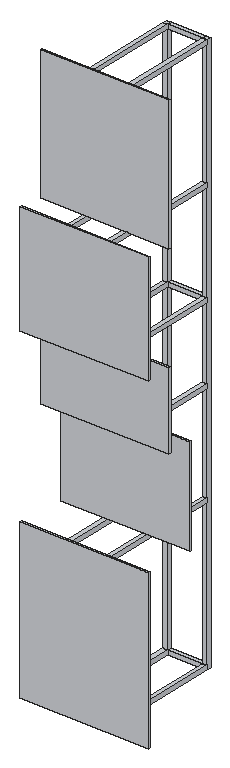
Revit family "Bukva BUKL035B -LivingDivani", category Furniture, Revit 2013
Parameters (values of type "BUKL035B")
  URL = "http://www.livingdivani.it"
  Model = "Bukva"
  Mat. Struttura = Steel, Polished
  Manufacturer = "Living Divani"
  Description = ""
  Codice prodotto = "BUKL035B"
Reference planes (cm)
  plane 1: z = 0
  plane 2 "Centro (Sinistra/Destra)": x = 0
  plane 3 "35": y = 73
  plane 4: z = 42
  plane 5: z = 70
  plane 6 "sx": x = -6
  plane 7 "dx": x = 6
  plane 8 "21": y = 87
  plane 9: y = 108
  plane 10: z = 91
  plane 11: z = 119
  plane 12: z = 154
  plane 13: y = 80
Forms (cm)
  Extrusion 1, solid, material "Linen, White", not visible
    sketch origin (0, 0, 0) x (1, 0, 0) y (0, 0, 1)
      loop
        line (-85, 18) -> (-85, 29.1823)
        arc (-85, 29.1823) -> (-80.169, 48.2596) -> (-84.4597, 67.4656) r 42.4528
        arc (-84.4597, 67.4656) -> (-85.5057, 68.8949) -> (-86.9843, 69.8699) r 5
        arc (-86.9843, 69.8699) -> (-93.3299, 70.9774) -> (-99.4999, 69.1268) r 14.0026
        arc (-99.4999, 69.1268) -> (-99.866, 68.7608) -> (-100, 68.2607) r 1
        line (-100, 68.2607) -> (-100, 18) -> (-85, 18)
    from -55 to 28.969
  Extrusion 2, void, not visible
    sketch origin (0, 0, 0) x (1, 0, 0) y (0, 1, 0)
      loop
        line (-78.5519, 33.5519) -> (-78.5519, 56.4969) -> (-100, 56.4969) -> (-100, 55) -> (-78.5519, 33.5519)
    from 0 to 88.2421
  Extrusion 3, solid, material "Linen, White", not visible
    sketch origin (0, 0, 0) x (-1, 0, 0) y (0, 0, -1)
      loop
        line (-85, -18) -> (-100, -18) -> (-100, -68.2607)
        arc (-100, -68.2607) -> (-99.866, -68.7608) -> (-99.4999, -69.1268) r 1
        arc (-99.4999, -69.1268) -> (-93.3299, -70.9774) -> (-86.9843, -69.8699) r 14.0026
        arc (-86.9843, -69.8699) -> (-85.5057, -68.8949) -> (-84.4597, -67.4656) r 5
        arc (-84.4597, -67.4656) -> (-80.169, -48.2596) -> (-85, -29.1823) r 42.4528
        line (-85, -29.1823) -> (-85, -18)
    from -55 to 28.969
  Extrusion 4, void, not visible
    sketch origin (0, 0, 0) x (-1, 0, 0) y (0, -1, 0)
      loop
        line (-78.5519, -33.5519) -> (-100, -55) -> (-100, -56.4969) -> (-78.5519, -56.4969) -> (-78.5519, -33.5519)
    from 0 to 88.2421
  Extrusion 5, solid, material "Steel, Polished" <- "Mat. Struttura", not visible
    sketch origin (-45, 0, 0) x (0, 1, 0) y (0, 0, 1)
      loop
        line (-3.5, 81.1034) -> (-46, 81.1034) -> (-46, 77.1034) -> (-1, 68.1034) -> (-1, 78.6034)
        arc (-1, 78.6034) -> (-1.7322, 80.3712) -> (-3.5, 81.1034) r 2.5
    from 0 to 1
  Extrusion 6, solid, material "Steel, Polished" <- "Mat. Struttura", not visible
    sketch origin (45, 0, 0) x (0, 1, 0) y (0, 0, -1)
      loop
        arc (-3.5, -81.1034) -> (-1.7322, -80.3712) -> (-1, -78.6034) r 2.5
        line (-1, -78.6034) -> (-1, -68.1034) -> (-46, -77.1034) -> (-46, -81.1034) -> (-3.5, -81.1034)
    from 0 to 1
  Extrusion 7, solid, material "Steel, Polished" <- "Mat. Struttura", not visible
    sketch origin (0, 0, 0) x (0, 1, 0) y (0, 0, 1)
      loop
        line (-1, 68.1034) -> (-1, 78.6034)
        arc (-1, 78.6034) -> (-1.7322, 80.3712) -> (-3.5, 81.1034) r 2.5
        line (-3.5, 81.1034) -> (-46, 81.1034) -> (-46, 77.1034) -> (-45.5, 77.0034) -> (-45.5, 80.6034) -> (-3.5, 80.6034)
        arc (-3.5, 80.6034) -> (-2.0858, 80.0176) -> (-1.5, 78.6034) r 2
        line (-1.5, 78.6034) -> (-1.5, 68.2034) -> (-1, 68.1034)
    from -44 to 44
  Extrusion 8, solid, material "Steel, Polished" <- "Mat. Struttura", not visible
    sketch origin (0, 78.6034, 81.6034) x (0, 0, 1) y (0, -1, 0)
      loop
        line (-13.4, 80.1034) -> (-12.9, 80.1034) -> (-8.9777, 99.715) -> (-9.4777, 99.715) -> (-13.4, 80.1034)
    from -44 to 44
  Extrusion 9, solid, material "Steel, Polished" <- "Mat. Struttura", not visible
    sketch origin (0, 78.6034, 84.6034) x (0, 0, 1) y (0, -1, 0)
      loop
        line (-13.4, 80.1034) -> (-12.9, 80.1034) -> (-7.8875, 105.1661) -> (-8.3875, 105.1661) -> (-13.4, 80.1034)
    from -44 to 44
  Extrusion 10, solid, material "Steel, Polished" <- "Mat. Struttura", not visible
    sketch origin (-45, 0, 0) x (0, 1, 0) y (0, 0, 1)
      loop
        line (-3.5, 81.1034) -> (-46, 81.1034) -> (-46, 77.1034) -> (-1, 68.1034) -> (-1, 78.6034)
        arc (-1, 78.6034) -> (-1.7322, 80.3712) -> (-3.5, 81.1034) r 2.5
    from 0 to 1
  Extrusion 11, solid, material "Steel, Polished" <- "Mat. Struttura", not visible
    sketch origin (45, 0, 0) x (0, 1, 0) y (0, 0, -1)
      loop
        arc (-3.5, -81.1034) -> (-1.7322, -80.3712) -> (-1, -78.6034) r 2.5
        line (-1, -78.6034) -> (-1, -68.1034) -> (-46, -77.1034) -> (-46, -81.1034) -> (-3.5, -81.1034)
    from 0 to 1
  Extrusion 12, solid, material "Steel, Polished" <- "Mat. Struttura", not visible
    sketch origin (0, 0, 0) x (0, 1, 0) y (0, 0, 1)
      loop
        line (-1, 68.1034) -> (-1, 78.6034)
        arc (-1, 78.6034) -> (-1.7322, 80.3712) -> (-3.5, 81.1034) r 2.5
        line (-3.5, 81.1034) -> (-46, 81.1034) -> (-46, 77.1034) -> (-45.5, 77.0034) -> (-45.5, 80.6034) -> (-3.5, 80.6034)
        arc (-3.5, 80.6034) -> (-2.0858, 80.0176) -> (-1.5, 78.6034) r 2
        line (-1.5, 78.6034) -> (-1.5, 68.2034) -> (-1, 68.1034)
    from -44 to 44
  Extrusion 13, solid, material "Steel, Polished" <- "Mat. Struttura", not visible
    sketch origin (0, 78.6034, 81.6034) x (0, 0, 1) y (0, -1, 0)
      loop
        line (-13.4, 80.1034) -> (-12.9, 80.1034) -> (-8.9777, 99.715) -> (-9.4777, 99.715) -> (-13.4, 80.1034)
    from -44 to 44
  Extrusion 14, solid, material "Steel, Polished" <- "Mat. Struttura", not visible
    sketch origin (0, 78.6034, 84.6034) x (0, 0, 1) y (0, -1, 0)
      loop
        line (-13.4, 80.1034) -> (-12.9, 80.1034) -> (-7.8875, 105.1661) -> (-8.3875, 105.1661) -> (-13.4, 80.1034)
    from -44 to 44
  Extrusion 15, solid
    sketch origin (0, 0, 0) x (1, 0, 0) y (0, 1, 0)
      loop
        line (-6, 108) -> (-6, 106.8) -> (-4.8, 106.8) -> (-4.8, 108) -> (-6, 108)
      loop
        line (6, 108) -> (4.8, 108) -> (4.8, 106.8) -> (6, 106.8) -> (6, 108)
    from 0 to 154
  Extrusion 16, solid
    sketch origin (-6, 0, 0) x (0, 1, 0) y (0, 0, 1)
      loop
        line (106.8, 154) -> (80, 154) -> (80, 152.8) -> (106.8, 152.8) -> (106.8, 154)
    from 0 to 1.2
  Extrusion 17, solid
    sketch origin (-6, 0, -35) x (0, 1, 0) y (0, 0, 1)
      loop
        line (106.8, 154) -> (73, 154) -> (73, 152.8) -> (106.8, 152.8) -> (106.8, 154)
    from 0 to 1.2
  Extrusion 18, solid
    sketch origin (-6, 0, -63) x (0, 1, 0) y (0, 0, 1)
      loop
        line (106.8, 154) -> (73, 154) -> (73, 152.8) -> (106.8, 152.8) -> (106.8, 154)
    from 0 to 1.2
  Extrusion 19, solid
    sketch origin (-6, 0, -84) x (0, 1, 0) y (0, 0, 1)
      loop
        line (106.8, 154) -> (80, 154) -> (80, 152.8) -> (106.8, 152.8) -> (106.8, 154)
    from 0 to 1.2
  Extrusion 20, solid
    sketch origin (6, 0, 0) x (0, 1, 0) y (0, 0, -1)
      loop
        line (106.8, -154) -> (106.8, -152.8) -> (80, -152.8) -> (80, -154) -> (106.8, -154)
    from 0 to 1.2
  Extrusion 21, solid
    sketch origin (6, 0, -35) x (0, 1, 0) y (0, 0, -1)
      loop
        line (106.8, -154) -> (106.8, -152.8) -> (73, -152.8) -> (73, -154) -> (106.8, -154)
    from 0 to 1.2
  Extrusion 22, solid
    sketch origin (6, 0, -63) x (0, 1, 0) y (0, 0, -1)
      loop
        line (106.8, -154) -> (106.8, -152.8) -> (73, -152.8) -> (73, -154) -> (106.8, -154)
    from 0 to 1.2
  Extrusion 23, solid
    sketch origin (6, 0, -84) x (0, 1, 0) y (0, 0, -1)
      loop
        line (106.8, -154) -> (106.8, -152.8) -> (80, -152.8) -> (80, -154) -> (106.8, -154)
    from 0 to 1.2
  Extrusion 24, solid
    sketch origin (6, 0, -112) x (0, 1, 0) y (0, 0, -1)
      loop
        line (106.8, -154) -> (106.8, -152.8) -> (73, -152.8) -> (73, -154) -> (106.8, -154)
    from 0 to 1.2
  Extrusion 25, solid
    sketch origin (6, 0, -152.8) x (0, 1, 0) y (0, 0, -1)
      loop
        line (106.8, -154) -> (106.8, -152.8) -> (73, -152.8) -> (73, -154) -> (106.8, -154)
    from 0 to 1.2
  Extrusion 26, solid
    sketch origin (0, 0, 0) x (1, 0, 0) y (0, 1, 0)
      loop
        line (-4.8, 108) -> (-4.8, 106.8) -> (4.8, 106.8) -> (4.8, 108) -> (-4.8, 108)
    from 0 to 1.2
  Extrusion 27, solid
    sketch origin (0, 0, 152.8) x (1, 0, 0) y (0, 1, 0)
      loop
        line (-4.8, 108) -> (-4.8, 106.8) -> (4.8, 106.8) -> (4.8, 108) -> (-4.8, 108)
    from 0 to 1.2
  Extrusion 28, solid
    sketch origin (0, 0, 89.8) x (1, 0, 0) y (0, 1, 0)
      loop
        line (-4.8, 108) -> (-4.8, 106.8) -> (4.8, 106.8) -> (4.8, 108) -> (-4.8, 108)
    from 0 to 1.2
  Extrusion 29, solid
    sketch origin (0, 73, -114.4438) x (0, 0, -1) y (-1, 0, 0)
      loop
        line (-157.3906, 17.5) -> (-157.3906, -17.5) -> (-114.4438, -17.5) -> (-114.4438, 17.5) -> (-157.3906, 17.5)
    from 0 to -0.5
  Extrusion 30, solid
    sketch origin (-6, 0, -112) x (0, 1, 0) y (0, 0, 1)
      loop
        line (106.8, 154) -> (73, 154) -> (73, 152.8) -> (106.8, 152.8) -> (106.8, 154)
    from 0 to 1.2
  Extrusion 31, solid
    sketch origin (-6, 0, -152.8) x (0, 1, 0) y (0, 0, 1)
      loop
        line (106.8, 154) -> (73, 154) -> (73, 152.8) -> (106.8, 152.8) -> (106.8, 154)
    from 0 to 1.2
  Extrusion 32, solid
    sketch origin (0, 80, 0) x (0, 0, -1) y (-1, 0, 0)
      loop
        line (-155.2438, 17.5) -> (-155.2438, -17.5) -> (-119, -17.5) -> (-119, 17.5) -> (-155.2438, 17.5)
    from 0 to -0.5
  Extrusion 33, solid
    sketch origin (0, 73, -37.4438) x (0, 0, -1) y (-1, 0, 0)
      loop
        line (-157.4102, 17.5) -> (-157.4102, -17.5) -> (-127.2438, -17.5) -> (-127.2438, 17.5) -> (-157.4102, 17.5)
    from 0 to -0.5
  Extrusion 34, solid
    sketch origin (0, 80, -65.4438) x (0, 0, -1) y (-1, 0, 0)
      loop
        line (-155.2438, 17.5) -> (-155.2438, -17.5) -> (-134.2438, -17.5) -> (-134.2438, 17.5) -> (-155.2438, 17.5)
    from 0 to -0.5
  Extrusion 35, solid
    sketch origin (0, 87, -86.4438) x (0, 0, -1) y (-1, 0, 0)
      loop
        line (-155.2438, 17.5) -> (-155.2438, -17.5) -> (-128.4438, -17.5) -> (-128.4438, 17.5) -> (-155.2438, 17.5)
    from 0 to -0.5
Lines and regions (cm)
  model lines, not visible
    curve 1: arc (142.5, 40, 40.4063) -> (142.5, -7.7258, 44.8408) -> (142.5, -55.6482, 43.9108) r 427.9768
    curve 2: arc (142.5, -55.6482, 43.9108) -> (142.5, -56.9941, 43.3917) -> (142.5, -57.8292, 42.2153) r 2.5
    curve 3: arc (142.5, -57.8292, 42.2153) -> (142.5, -58.6593, 36.9132) -> (142.5, -57.6808, 31.6365) r 15.9229
    curve 4: arc (142.5, -57.6808, 31.6365) -> (142.5, -56.765, 30.4495) -> (142.5, -55.3347, 30) r 2.5
    curve 5: line (350.8333, 40.8327, 61.8833) -> (350.8333, 44.8452, 76.858)
    curve 6: arc (350.8333, 19.2897, 45.6161) -> (350.8333, 23.0144, 61.3242) -> (350.8333, 28.8022, 76.3947) r 120.6881
    curve 7: line (350.8333, 42.4245, 80.0128) -> (350.8333, 34.5369, 80.0128)
    curve 8: arc (350.8333, 42.4245, 80.0128) -> (350.8333, 44.4127, 79.0323) -> (350.8333, 44.8452, 76.858) r 2.5061
    curve 9: arc (350.8333, 34.5369, 80.0128) -> (350.8333, 31.1465, 79.0327) -> (350.8333, 28.8022, 76.3947) r 6.3538
    curve 10: arc (350.8333, 21.3758, 42.8725) -> (350.8333, 19.7398, 43.7934) -> (350.8333, 19.2897, 45.6161) r 2.3659
    curve 11: arc (457.5, -41.1808, 29.528) -> (457.5, -40.2346, 28.4157) -> (457.5, -38.8347, 28) r 2.5652
    curve 12: arc (457.5, -41.3292, 42.2606) -> (457.5, -42.5488, 35.8792) -> (457.5, -41.1808, 29.528) r 16.3119
    curve 13: arc (457.5, -39.1482, 43.8503) -> (457.5, -40.4656, 43.3667) -> (457.5, -41.3292, 42.2606) r 2.5564
    curve 14: arc (457.5, 34.91, 41.2077) -> (457.5, -2.0467, 44.5571) -> (457.5, -39.1482, 43.8503) r 339.2674
    curve 15: arc (643.4167, 44.0083, 75.2794) -> (643.4167, 37.8383, 77.13) -> (643.4167, 31.4927, 76.0225) r 14.0026
    curve 16: arc (643.4167, 31.4927, 76.0225) -> (643.4167, 30.0141, 75.0475) -> (643.4167, 28.9681, 73.6182) r 5
    curve 17: arc (643.4167, 44.5084, 74.4133) -> (643.4167, 44.3744, 74.9134) -> (643.4167, 44.0083, 75.2794) r 1
    curve 18: line (643.4167, 44.5084, 24.1526) -> (643.4167, 44.5084, 74.4133)
    curve 19: arc (15, 39.4597, 67.4656) -> (15, 35.169, 48.2596) -> (15, 40, 29.1823) r 42.4528
    curve 20: arc (15, 41.9843, 69.8699) -> (15, 40.5057, 68.8949) -> (15, 39.4597, 67.4656) r 5
    curve 21: line (15, 55, 18) -> (15, 55, 68.2607)
    curve 22: arc (15, 55, 68.2607) -> (15, 54.866, 68.7608) -> (15, 54.4999, 69.1268) r 1
    curve 23: arc (15, 54.4999, 69.1268) -> (15, 48.3299, 70.9774) -> (15, 41.9843, 69.8699) r 14.0026
    curve 24: arc (0, -28.969, 37.1636) -> (0, -30.2309, 36.4485) -> (0, -30.8835, 35.1531) r 2.5
    curve 25: arc (0, 39.8911, 33.442) -> (0, 5.6044, 37.9554) -> (0, -28.969, 37.1636) r 225.0994
    curve 26: arc (0, -30.8835, 35.1531) -> (0, -31.5326, 27.5955) -> (0, -30.8835, 20.0379) r 44.3218
    curve 27: arc (0, -30.8835, 35.1531) -> (0, -31.5326, 27.5955) -> (0, -30.8835, 20.0379) r 44.3218
    curve 28: arc (91.6667, 39.8911, 38.442) -> (91.6667, 5.6044, 42.9554) -> (91.6667, -28.969, 42.1636) r 225.0994
    curve 29: arc (91.6667, -28.969, 42.1636) -> (91.6667, -30.2309, 41.4485) -> (91.6667, -30.8835, 40.1531) r 2.5
    curve 30: arc (91.6667, -30.8835, 40.1531) -> (91.6667, -31.5326, 32.5955) -> (91.6667, -30.8835, 25.0379) r 44.3218
    curve 31: arc (91.6667, -30.8835, 25.0379) -> (91.6667, -30.0394, 23.5895) -> (91.6667, -28.4701, 23) r 2.5
    curve 32: arc (643.4167, 29.3984, 39.5948) -> (643.4167, 25.1951, 57.0411) -> (643.4167, 29.3984, 74.4873) r 38.3075
    curve 33: arc (0, 54.4376, 69.1638) -> (0, 48.2677, 71.0144) -> (0, 41.9221, 69.9069) r 14.0026
    curve 34: arc (0, 41.9221, 69.9069) -> (0, 40.4434, 68.9319) -> (0, 39.3974, 67.5026) r 5
    curve 35: arc (0, 54.9377, 68.2977) -> (0, 54.8037, 68.7978) -> (0, 54.4376, 69.1638) r 1
    curve 36: line (0, 54.9377, 18.037) -> (0, 54.9377, 68.2977)
    curve 37: arc (0, 39.89, 33.4422) -> (0, 35.6867, 50.8419) -> (0, 39.8477, 68.2517) r 38.3075
    curve 53: arc (-31, -75.9326, 42.2836) -> (-31, -78.0974, 41.4294) -> (-31, -79, 39.2844) r 3
    curve 54: line (-31, 20.5225, 40.5213) -> (-31, -75.9326, 42.2836)
    curve 55: line (-31, -79, 39.2844) -> (-31, -79, 31)
    curve 56: arc (-31, -79, 31) -> (-31, -78.1213, 28.8787) -> (-31, -76, 28) r 3
    curve 57: line (31, 20.5225, 40.5213) -> (31, -75.9326, 42.2836)
    curve 58: arc (31, -75.9326, 42.2836) -> (31, -78.0974, 41.4294) -> (31, -79, 39.2844) r 3
    curve 59: line (31, -79, 39.2844) -> (31, -79, 31)
    curve 60: arc (31, -79, 31) -> (31, -78.1213, 28.8787) -> (31, -76, 28) r 3
    curve 61: line (0, 20.5225, 40.5213) -> (0, -75.9326, 42.2836)
    curve 62: arc (0, -75.9326, 42.2836) -> (0, -78.0974, 41.4294) -> (0, -79, 39.2844) r 3
    curve 63: line (0, -79, 39.2844) -> (0, -79, 31)
    curve 64: arc (-31, 41, 69) -> (-31, 40.4142, 70.4142) -> (-31, 39, 71) r 2
    curve 65: arc (-31, 21.5, 39.994) -> (-31, 23.8297, 56.2597) -> (-31, 33.3493, 69.6529) r 34.8726
    curve 66: arc (-31, 33.3493, 69.6529) -> (-31, 35.0306, 70.6522) -> (-31, 36.9554, 71) r 5.5
    curve 67: arc (31, 21.5, 39.994) -> (31, 23.8297, 56.2597) -> (31, 33.3493, 69.6529) r 34.8726
    curve 68: arc (31, 33.3493, 69.6529) -> (31, 35.0306, 70.6522) -> (31, 36.9554, 71) r 5.5
    curve 69: arc (31, 39, 71) -> (31, 40.4142, 70.4142) -> (31, 41, 69) r 2
    curve 70: arc (0, 21.5, 39.994) -> (0, 23.8297, 56.2597) -> (0, 33.3493, 69.6529) r 34.8726
    curve 71: arc (0, 33.3493, 69.6529) -> (0, 35.0306, 70.6522) -> (0, 36.9554, 71) r 5.5
    curve 72: arc (0, 39, 71) -> (0, 40.4142, 70.4142) -> (0, 41, 69) r 2
  model lines, not visible, detail levels medium+fine
    curve 38: arc (-30.8, -9.9076, 41.7805) -> (-27.9845, -12.5677, 41.7805) -> (-24.2491, -13.5924, 41.7805) r 7.9959
    curve 39: arc (-24.2491, -6.2228, 41.7805) -> (-27.9845, -7.2475, 41.7805) -> (-30.8, -9.9076, 41.7805) r 7.9959
    curve 40: arc (-30.8, -9.9076, 41.7805) -> (-33.6155, -7.2475, 41.7805) -> (-37.3509, -6.2228, 41.7805) r 7.9959
    curve 41: arc (-37.3509, -13.5924, 41.7805) -> (-33.6155, -12.5677, 41.7805) -> (-30.8, -9.9076, 41.7805) r 7.9959
    curve 42: line (-31.6, -9.9076, 41.7805) -> (-30, -9.9076, 41.7805)
    curve 43: arc (-16, -25.4076, 41.7805) -> (-13.1845, -28.0677, 41.7805) -> (-9.4491, -29.0924, 41.7805) r 7.9959
    curve 44: arc (-9.4491, -21.7228, 41.7805) -> (-13.1845, -22.7475, 41.7805) -> (-16, -25.4076, 41.7805) r 7.9959
    curve 45: arc (-16, -25.4076, 41.7805) -> (-18.8155, -22.7475, 41.7805) -> (-22.5509, -21.7228, 41.7805) r 7.9959
    curve 46: arc (-22.5509, -29.0924, 41.7805) -> (-18.8155, -28.0677, 41.7805) -> (-16, -25.4076, 41.7805) r 7.9959
    curve 47: line (-16.8, -25.4076, 41.7805) -> (-15.2, -25.4076, 41.7805)
    curve 48: arc (-16, 5.5924, 41.7805) -> (-13.1845, 2.9323, 41.7805) -> (-9.4491, 1.9076, 41.7805) r 7.9959
    curve 49: arc (-9.4491, 9.2772, 41.7805) -> (-13.1845, 8.2525, 41.7805) -> (-16, 5.5924, 41.7805) r 7.9959
    curve 50: arc (-16, 5.5924, 41.7805) -> (-18.8155, 8.2525, 41.7805) -> (-22.5509, 9.2772, 41.7805) r 7.9959
    curve 51: arc (-22.5509, 1.9076, 41.7805) -> (-18.8155, 2.9323, 41.7805) -> (-16, 5.5924, 41.7805) r 7.9959
    curve 52: line (-16.8, 5.5924, 41.7805) -> (-15.2, 5.5924, 41.7805)
    curve 73: arc (-30.8, -45.4076, 41.7805) -> (-27.9845, -48.0677, 41.7805) -> (-24.2491, -49.0924, 41.7805) r 7.9959
    curve 74: arc (-24.2491, -41.7228, 41.7805) -> (-27.9845, -42.7475, 41.7805) -> (-30.8, -45.4076, 41.7805) r 7.9959
    curve 75: arc (-30.8, -45.4076, 41.7805) -> (-33.6155, -42.7475, 41.7805) -> (-37.3509, -41.7228, 41.7805) r 7.9959
    curve 76: arc (-37.3509, -49.0924, 41.7805) -> (-33.6155, -48.0677, 41.7805) -> (-30.8, -45.4076, 41.7805) r 7.9959
    curve 77: line (-31.6, -45.4076, 41.7805) -> (-30, -45.4076, 41.7805)
    curve 78: arc (-16, -60.9076, 41.7805) -> (-13.1845, -63.5677, 41.7805) -> (-9.4491, -64.5924, 41.7805) r 7.9959
    curve 79: arc (-9.4491, -57.2228, 41.7805) -> (-13.1845, -58.2475, 41.7805) -> (-16, -60.9076, 41.7805) r 7.9959
    curve 80: arc (-16, -60.9076, 41.7805) -> (-18.8155, -58.2475, 41.7805) -> (-22.5509, -57.2228, 41.7805) r 7.9959
    curve 81: arc (-22.5509, -64.5924, 41.7805) -> (-18.8155, -63.5677, 41.7805) -> (-16, -60.9076, 41.7805) r 7.9959
    curve 82: line (-16.8, -60.9076, 41.7805) -> (-15.2, -60.9076, 41.7805)
  model lines, style "elemento", not visible, detail levels medium+fine
    curve 83: arc (-28.6536, -18.7333, 27.5) -> (-29.3433, -17.6727, 27.5) -> (-30.2945, -16.8387, 27.5) r 4.6251
    curve 84: arc (-28.6536, -19.4404, 27.5) -> (-29.7271, -20.114, 27.5) -> (-30.5624, -21.0671, 27.5) r 4.3726
    curve 85: arc (-26.3055, -16.8387, 27.5) -> (-27.2567, -17.6727, 27.5) -> (-27.9464, -18.7333, 27.5) r 4.6251
    curve 86: arc (-26.0376, -21.0671, 27.5) -> (-26.8729, -20.114, 27.5) -> (-27.9464, -19.4404, 27.5) r 4.3726
    curve 87: arc (-14.5036, -2.7333, 27.5) -> (-15.1933, -1.6727, 27.5) -> (-16.1445, -0.8387, 27.5) r 4.6251
    curve 88: arc (-14.5036, -3.4404, 27.5) -> (-15.5771, -4.114, 27.5) -> (-16.4124, -5.0671, 27.5) r 4.3726
    curve 89: arc (-12.1555, -0.8387, 27.5) -> (-13.1067, -1.6727, 27.5) -> (-13.7964, -2.7333, 27.5) r 4.6251
    curve 90: arc (-11.8876, -5.0671, 27.5) -> (-12.7229, -4.114, 27.5) -> (-13.7964, -3.4404, 27.5) r 4.3726
    curve 91: arc (-16.1445, -37.335, 27.5) -> (-15.1933, -36.501, 27.5) -> (-14.5036, -35.4404, 27.5) r 4.6251
    curve 92: arc (-16.4124, -33.1066, 27.5) -> (-15.5771, -34.0597, 27.5) -> (-14.5036, -34.7333, 27.5) r 4.3726
    curve 93: arc (-13.7964, -35.4404, 27.5) -> (-13.1067, -36.501, 27.5) -> (-12.1555, -37.335, 27.5) r 4.6251
    curve 94: arc (-13.7964, -34.7333, 27.5) -> (-12.7229, -34.0597, 27.5) -> (-11.8876, -33.1066, 27.5) r 4.3726
    curve 95: line (-27.95, -19.0868, 27.5) -> (-28.65, -19.0868, 27.5)
    curve 96: line (-13.8, -3.0868, 27.5) -> (-14.5, -3.0868, 27.5)
    curve 97: line (-13.8, -35.0868, 27.5) -> (-14.5, -35.0868, 27.5)
Dimensions and locks (cm)
  Extrusion 16 sketch curve to Extrusion 16 sketch curve = 1.2 cm
  Extrusion 17 sketch curve to Extrusion 17 sketch curve = 1.2 cm
  Extrusion 18 sketch curve to Extrusion 18 sketch curve = 1.2 cm
  Extrusion 19 sketch curve to Extrusion 19 sketch curve = 1.2 cm
  Extrusion 20 sketch curve to Extrusion 20 sketch curve = 1.2 cm
  Extrusion 21 sketch curve to Extrusion 21 sketch curve = 1.2 cm
  Extrusion 22 sketch curve to Extrusion 22 sketch curve = 1.2 cm
  Extrusion 23 sketch curve to Extrusion 23 sketch curve = 1.2 cm
  Extrusion 24 sketch curve to Extrusion 24 sketch curve = 1.2 cm
  Extrusion 25 sketch curve to Extrusion 25 sketch curve = 1.2 cm
  locked: plane 9 to plane 13 at 28
  locked: plane 9 to plane 3 "35" at 35
  locked: plane 9 to plane 8 "21" at 21
  Extrusion 30 sketch curve to Extrusion 30 sketch curve = 1.2 cm
  Extrusion 31 sketch curve to Extrusion 31 sketch curve = 1.2 cm
  aligned and locked: level to plane 1
  aligned and locked: Extrusion 18 to plane 3 "35"
  aligned and locked: Extrusion 16 to Extrusion 15
  aligned and locked: Extrusion 15 to Extrusion 17
  aligned and locked: Extrusion 15 to Extrusion 18
  aligned and locked: Extrusion 15 to Extrusion 19
